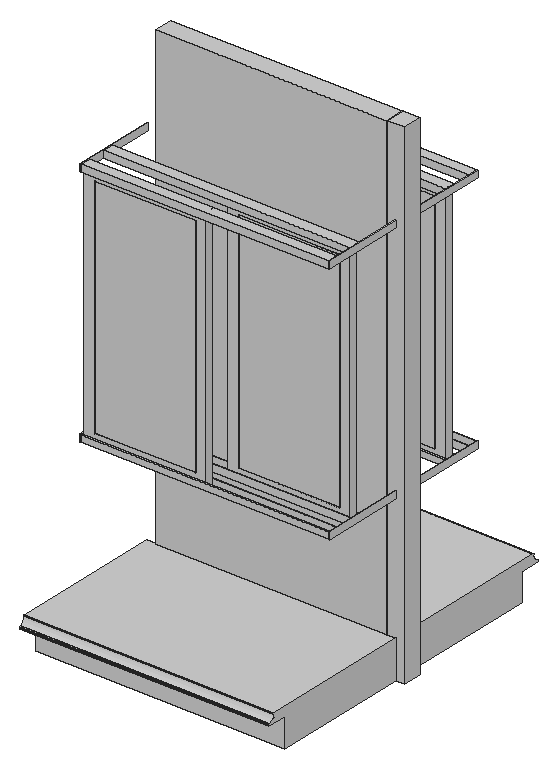
Revit family "PP2", category Specialty Equipment, Revit 2012
Parameters (values of type "Maxi Line Starter (Default)")
  Width = 3' - 0"
  URL = "http://madixinc.com/display/maxiline/core.html"
  Model = "Maxi Line"
  Manufacturer = "© 2012 Madix, Inc. All rights reserved."
  "Back" Base Shelf [instance] = yes
  "Back" Front Peg Panel Frame [instance] = yes
  "Back" Back Peg Panel Frame [instance] = yes
  "Front" Front Peg Panel Frame [instance] = yes
  "Front" Back Peg Panel Frame [instance] = yes
  "Front" Shelf Depth = 1' - 10"
  "Back" Shelf Depth = 1' - 10"
  Upright Height = 6' - 0"
Reference planes (in)
  plane 1 "Center (Front/Back)": y = 0
  plane 2: z = 0
  plane 3 "Center (Left/Right)": x = 0
  plane 4: y = 1.375
  plane 5: y = -1.375
  plane 6: z = 72
  plane 7: z = 0
  plane 8 "1st shelf": z = 23.5
  plane 9 "2nd shelf": z = 41.5
  plane 10 "3rd shelf": z = 59.5
  plane 11 "4th shelf": z = 77.5
  plane 12: y = -24.25
  plane 13: x = -18
  plane 14: x = 18
  plane 15: x = -17.875
  plane 16: x = 17.875
  plane 17: z = 41.5
  plane 18: y = 24.25
  plane 19: y = 23.375
  plane 20: y = -23.375
  plane 21: y = -13.25
  plane 22: y = -13.125
  plane 23: y = -12
  plane 24: y = -12.125
  plane 25: z = 59.375
  plane 26: z = 58.5
  plane 27: y = -9.25
  plane 28: y = -9.125
  plane 29: y = -8
  plane 30: y = -8.125
  plane 31: y = -7.875
  plane 32: y = -9.375
Forms (in)
  Extrusion 1, solid, material "Metal - Steel"
    sketch origin (-24, 1.375, 0) x (1, 0, 0) y (0, 0, 1)
      loop
        line (7.2815, 0) -> (42, 0) -> (43.25, 0) -> (43.25, 72) -> (40.75, 72) -> (40.75, 0.03125) -> (40.71924, 0.03125) -> (40.71924, 72) -> (7.2815, 72) -> (7.2815, 0)
    from 0 to 2.75
  Extrusion 2, solid, material "Metal - Steel"
    sketch origin (0, 0, 0) x (0, 1, 0) y (0, 0, 1)
      loop
        line (-1.375, 0) -> (-1.375, 5.5) -> (-23.375, 5.5) -> (-23.50139, 5.5) -> (-23.50139, 5.375) -> (-23.375, 5.375)
        arc (-23.375, 5.375) -> (-23.63696, 4.73714) -> (-24.125, 4.25) r 1.75
        line (-24.125, 4.25) -> (-24.125, 4.375) -> (-24.25, 4.375) -> (-24.25, 4.25) -> (-24.25, 4.125) -> (-21.375, 4.125) -> (-21.375, 0) -> (-1.375, 0)
    from -18 to 18
  Extrusion 3, solid, material "Metal - Steel", visible <- ""Back" Base Shelf"
    sketch origin (0, 0, 0) x (0, -1, 0) y (0, 0, -1)
      loop
        line (-1.375, 0) -> (-21.375, 0) -> (-21.375, -4.125) -> (-24.25, -4.125) -> (-24.25, -4.25) -> (-24.25, -4.375) -> (-24.125, -4.375) -> (-24.125, -4.25)
        arc (-24.125, -4.25) -> (-23.63696, -4.73714) -> (-23.375, -5.375) r 1.75
        line (-23.375, -5.375) -> (-23.50139, -5.375) -> (-23.50139, -5.5) -> (-23.375, -5.5) -> (-1.375, -5.5) -> (-1.375, 0)
    from -18 to 18
  Extrusion 4, solid, material "Metal - Steel", visible <- ""Front" Front Peg Panel Frame"
    sketch origin (0, 0, 0) x (0, 1, 0) y (0, 0, 1)
      loop
        line (-13.375, 23.5) -> (-11.875, 23.5) -> (-11.875, 24.5) -> (-12, 24.5) -> (-12, 23.625) -> (-13.25, 23.625) -> (-13.25, 24.5) -> (-13.375, 24.5) -> (-13.375, 23.5)
    from -17.875 to 17.875
  Extrusion 5, solid, material "Metal - Steel", visible <- ""Front" Front Peg Panel Frame"
    sketch origin (0, 0, 0) x (0, 1, 0) y (0, 0, 1)
      loop
        line (-1.375, 23.5) -> (-1.375, 24.5) -> (-13.375, 24.5) -> (-13.375, 23.5) -> (-1.375, 23.5)
    from -17.875 to -18
  Extrusion 6, solid, material "Metal - Steel", visible <- ""Front" Front Peg Panel Frame"
    sketch origin (0, 0, 0) x (0, 1, 0) y (0, 0, -1)
      loop
        line (-1.375, -23.5) -> (-13.375, -23.5) -> (-13.375, -24.5) -> (-1.375, -24.5) -> (-1.375, -23.5)
    from -18 to -17.875
  Extrusion 7, solid, material "Metal - Steel", visible <- ""Front" Front Peg Panel Frame"
    sketch origin (0, 0, 83) x (0, 1, 0) y (0, 0, 1)
      loop
        line (-13.375, -23.5) -> (-13.375, -24.5) -> (-13.25, -24.5) -> (-13.25, -23.625) -> (-12, -23.625) -> (-12, -24.5) -> (-11.875, -24.5) -> (-11.875, -23.5) -> (-13.375, -23.5)
    from -17.875 to 17.875
  Extrusion 8, solid, material "Metal - Steel", visible <- ""Front" Front Peg Panel Frame"
    sketch origin (0, 0, 83) x (0, 1, 0) y (0, 0, 1)
      loop
        line (-1.375, -23.5) -> (-13.375, -23.5) -> (-13.375, -24.5) -> (-1.375, -24.5) -> (-1.375, -23.5)
    from -18 to -17.875
  Extrusion 9, solid, material "Metal - Steel", visible <- ""Front" Front Peg Panel Frame"
    sketch origin (0, 0, 83) x (0, 1, 0) y (0, 0, -1)
      loop
        line (-1.375, 23.5) -> (-1.375, 24.5) -> (-13.375, 24.5) -> (-13.375, 23.5) -> (-1.375, 23.5)
    from -18 to -17.875
  Extrusion 10, solid, material "Metal - Steel", visible <- ""Front" Front Peg Panel Frame"
    sketch origin (0, 0, 0) x (1, 0, 0) y (0, 0, 1)
      loop
        line (-17.625, 23.625) -> (0, 23.625) -> (0, 59.375) -> (-17.625, 59.375) -> (-17.625, 23.625)
      loop
        line (-1.5, 57.875) -> (-16.125, 57.875) -> (-16.125, 25.125) -> (-1.5, 25.125) -> (-1.5, 57.875)
      loop
        line (-16.09375, 57.84375) -> (-16.09375, 25.15625) -> (-1.53125, 25.15625) -> (-1.53125, 57.84375) -> (-16.09375, 57.84375)
    from 12.125 to 13.125
  Extrusion 11, solid, material "Metal - Steel", visible <- ""Back" Front Peg Panel Frame"
    sketch origin (0, 0, 0) x (0, -1, 0) y (0, 0, -1)
      loop
        line (-13.375, -23.5) -> (-13.375, -24.5) -> (-13.25, -24.5) -> (-13.25, -23.625) -> (-12, -23.625) -> (-12, -24.5) -> (-11.875, -24.5) -> (-11.875, -23.5) -> (-13.375, -23.5)
    from -17.875 to 17.875
  Extrusion 12, solid, material "Metal - Steel", visible <- ""Back" Front Peg Panel Frame"
    sketch origin (0, 0, 0) x (0, -1, 0) y (0, 0, -1)
      loop
        line (-1.375, -23.5) -> (-13.375, -23.5) -> (-13.375, -24.5) -> (-1.375, -24.5) -> (-1.375, -23.5)
    from -18 to -17.875
  Extrusion 13, solid, material "Metal - Steel", visible <- ""Back" Front Peg Panel Frame"
    sketch origin (0, 0, 0) x (0, -1, 0) y (0, 0, 1)
      loop
        line (-1.375, 23.5) -> (-1.375, 24.5) -> (-13.375, 24.5) -> (-13.375, 23.5) -> (-1.375, 23.5)
    from -18 to -17.875
  Extrusion 14, solid, material "Metal - Steel", visible <- ""Back" Front Peg Panel Frame"
    sketch origin (0, 0, 83) x (0, -1, 0) y (0, 0, -1)
      loop
        line (-13.375, 23.5) -> (-11.875, 23.5) -> (-11.875, 24.5) -> (-12, 24.5) -> (-12, 23.625) -> (-13.25, 23.625) -> (-13.25, 24.5) -> (-13.375, 24.5) -> (-13.375, 23.5)
    from -17.875 to 17.875
  Extrusion 15, solid, material "Metal - Steel", visible <- ""Back" Front Peg Panel Frame"
    sketch origin (0, 0, 83) x (0, -1, 0) y (0, 0, -1)
      loop
        line (-1.375, 23.5) -> (-1.375, 24.5) -> (-13.375, 24.5) -> (-13.375, 23.5) -> (-1.375, 23.5)
    from -18 to -17.875
  Extrusion 16, solid, material "Metal - Steel", visible <- ""Back" Front Peg Panel Frame"
    sketch origin (0, 0, 83) x (0, -1, 0) y (0, 0, 1)
      loop
        line (-1.375, -23.5) -> (-13.375, -23.5) -> (-13.375, -24.5) -> (-1.375, -24.5) -> (-1.375, -23.5)
    from -18 to -17.875
  Extrusion 17, solid, material "Metal - Steel", visible <- ""Back" Front Peg Panel Frame"
    sketch origin (0, 0, 0) x (1, 0, 0) y (0, 0, -1)
      loop
        line (-17.625, -23.625) -> (-17.625, -59.375) -> (0, -59.375) -> (0, -23.625) -> (-17.625, -23.625)
      loop
        line (-1.5, -57.875) -> (-1.5, -25.125) -> (-16.125, -25.125) -> (-16.125, -57.875) -> (-1.5, -57.875)
      loop
        line (-16.09375, -57.84375) -> (-1.53125, -57.84375) -> (-1.53125, -25.15625) -> (-16.09375, -25.15625) -> (-16.09375, -57.84375)
    from 12.125 to 13.125
  Extrusion 18, solid, material "Metal - Steel", visible <- ""Front" Back Peg Panel Frame"
    sketch origin (0, 0, 0) x (0, 1, 0) y (0, 0, -1)
      loop
        line (-9.375, -23.5) -> (-9.375, -24.5) -> (-9.25, -24.5) -> (-9.25, -23.625) -> (-8, -23.625) -> (-8, -24.5) -> (-7.875, -24.5) -> (-7.875, -23.5) -> (-9.375, -23.5)
    from -17.875 to 17.875
  Extrusion 19, solid, material "Metal - Steel", visible <- ""Front" Back Peg Panel Frame"
    sketch origin (0, 0, 83) x (0, 1, 0) y (0, 0, -1)
      loop
        line (-9.375, 23.5) -> (-7.875, 23.5) -> (-7.875, 24.5) -> (-8, 24.5) -> (-8, 23.625) -> (-9.25, 23.625) -> (-9.25, 24.5) -> (-9.375, 24.5) -> (-9.375, 23.5)
    from -17.875 to 17.875
  Extrusion 20, solid, material "Metal - Steel", visible <- ""Front" Back Peg Panel Frame"
    sketch origin (0, 0, 0) x (-1, 0, 0) y (0, 0, -1)
      loop
        line (-17.625, -23.625) -> (-17.625, -59.375) -> (0, -59.375) -> (0, -23.625) -> (-17.625, -23.625)
      loop
        line (-1.5, -57.875) -> (-1.5, -25.125) -> (-16.125, -25.125) -> (-16.125, -57.875) -> (-1.5, -57.875)
      loop
        line (-16.09375, -57.84375) -> (-1.53125, -57.84375) -> (-1.53125, -25.15625) -> (-16.09375, -25.15625) -> (-16.09375, -57.84375)
    from 8.125 to 9.125
  Extrusion 21, solid, material "Metal - Steel", visible <- ""Back" Back Peg Panel Frame"
    sketch origin (0, 0, 0) x (0, -1, 0) y (0, 0, 1)
      loop
        line (-9.375, 23.5) -> (-7.875, 23.5) -> (-7.875, 24.5) -> (-8, 24.5) -> (-8, 23.625) -> (-9.25, 23.625) -> (-9.25, 24.5) -> (-9.375, 24.5) -> (-9.375, 23.5)
    from -17.875 to 17.875
  Extrusion 22, solid, material "Metal - Steel", visible <- ""Back" Back Peg Panel Frame"
    sketch origin (0, 0, 83) x (0, -1, 0) y (0, 0, 1)
      loop
        line (-9.375, -23.5) -> (-9.375, -24.5) -> (-9.25, -24.5) -> (-9.25, -23.625) -> (-8, -23.625) -> (-8, -24.5) -> (-7.875, -24.5) -> (-7.875, -23.5) -> (-9.375, -23.5)
    from -17.875 to 17.875
  Extrusion 23, solid, material "Metal - Steel", visible <- ""Back" Back Peg Panel Frame"
    sketch origin (0, 0, 0) x (-1, 0, 0) y (0, 0, 1)
      loop
        line (-17.625, 23.625) -> (0, 23.625) -> (0, 59.375) -> (-17.625, 59.375) -> (-17.625, 23.625)
      loop
        line (-1.5, 57.875) -> (-16.125, 57.875) -> (-16.125, 25.125) -> (-1.5, 25.125) -> (-1.5, 57.875)
      loop
        line (-16.09375, 57.84375) -> (-16.09375, 25.15625) -> (-1.53125, 25.15625) -> (-1.53125, 57.84375) -> (-16.09375, 57.84375)
    from 8.125 to 9.125
Lines and regions (in)
  Split face 1
    outline origin (-24, -1.375, 0) x (1, 0, 0) y (0, 0, 1)
      loop
        line (7.2815, 72) -> (7.2815, 0.03125) -> (40.71924, 0.03125) -> (40.71924, 72)
  Split face 2
    outline origin (-24, 1.375, 0) x (1, 0, 0) y (0, 0, 1)
      loop
        line (40.71924, 72) -> (40.71924, 0.03125) -> (7.2815, 0.03125) -> (7.2815, 72)
Dimensions and locks (in)
  "Upright Height": plane 6 to level
  ""Front" Shelf Depth": plane 20 to plane 5
  equal spacing: plane 13, plane 3 "Center (Left/Right)", plane 14
  "Width": plane 13 to plane 14
  locked: plane 13 to plane 15 at 0.125
  locked: plane 16 to plane 14 at 0.125
  ""Back" Shelf Depth": plane 4 to plane 19
  locked: plane 19 to plane 18 at 0.875
  locked: plane 20 to plane 12 at 0.875
  plane 26 to plane 25 to plane 10 "3rd shelf" to plane 6 = 0' - 0 7/8" locked, 0' - 0 1/8" locked, 1' - 0 1/2" locked
  aligned and locked: level to plane 2
  aligned and locked: plane 12 to Extrusion 2
  aligned and locked: Extrusion 2 to plane 5
  aligned and locked: plane 13 to Extrusion 2
  aligned and locked: plane 14 to Extrusion 2
  aligned and locked: Extrusion 3 to Extrusion 2
  aligned and locked: Extrusion 2 to Extrusion 3
  aligned and locked: plane 13 to Extrusion 3
  aligned and locked: Extrusion 3 to plane 18
  aligned and locked: Extrusion 1 to plane 6  (x2)
  aligned and locked: plane 19 to Extrusion 3
  aligned and locked: plane 20 to Extrusion 2
  aligned and locked: Extrusion 4 to plane 16
  aligned and locked: Extrusion 4 to plane 15
  aligned and locked: plane 16 to Extrusion 6
  aligned and locked: Extrusion 2 to Extrusion 6
  aligned and locked: plane 25 to Extrusion 10
  aligned and locked: plane 26 to Extrusion 8
  aligned and locked: plane 16 to Extrusion 16
  aligned and locked: plane 16 to Extrusion 13
  aligned and locked: Extrusion 22 to plane 16
  aligned and locked: Extrusion 22 to plane 15
  aligned and locked: Extrusion 15 to Extrusion 2
  aligned and locked: plane 15 to Extrusion 15
  aligned and locked: Extrusion 12 to Extrusion 2
  aligned and locked: plane 15 to Extrusion 12
  aligned and locked: Extrusion 21 to plane 15
  aligned and locked: Extrusion 14 to plane 15
  aligned and locked: Extrusion 11 to plane 15
  aligned and locked: Extrusion 11 to plane 16
  aligned and locked: Extrusion 14 to plane 16
  aligned and locked: Extrusion 21 to plane 16
  aligned and locked: plane 16 to Extrusion 9
  aligned and locked: Extrusion 19 to plane 16
  aligned and locked: Extrusion 19 to plane 15
  aligned and locked: Extrusion 18 to plane 16
  aligned and locked: Extrusion 7 to plane 16
  aligned and locked: Extrusion 8 to Extrusion 2
  aligned and locked: plane 15 to Extrusion 8
  aligned and locked: Extrusion 5 to Extrusion 2
  aligned and locked: plane 15 to Extrusion 5
  aligned and locked: Extrusion 7 to plane 15
  aligned and locked: Extrusion 16 to plane 14
  aligned and locked: Extrusion 13 to plane 14
Automatic sketch dimensions
  Extrusion 2 sketch curve to plane 12 = 0' - 0"
  Extrusion 2 sketch curve to plane 20 = 0' - 0"  (x2)
  Extrusion 2 sketch curve to level = 0' - 0"
  Extrusion 2 sketch curve to plane 5 = 0' - 0"
  Extrusion 2 sketch curve to plane 12 = 0' - 0.84305"
  Extrusion 2 sketch curve to Extrusion 2 sketch curve = 0' - 0 1/8"  (x5)
  Extrusion 2 sketch curve to plane 20 = 0' - 0.12639"
  plane 20 to Extrusion 2 sketch curve = 0' - 2"
  level to Extrusion 2 sketch curve = 0' - 4 1/8"
  Extrusion 2 sketch curve to Extrusion 2 sketch curve = 0' - 1"
  Split face 1 sketch curve to Extrusion 1 = 0' - 0"  (x4)
  Extrusion 1 to Split face 1 sketch curve = 0' - 0"
  Extrusion 3 sketch curve to plane 18 = 0' - 0"
  Extrusion 3 sketch curve to plane 19 = 0' - 0"  (x2)
  Extrusion 3 sketch curve to level = 0' - 0"
  Extrusion 3 sketch curve to plane 4 = 0' - 0"
  plane 18 to Extrusion 3 sketch curve = 0' - 0.84305"
  Extrusion 3 sketch curve to plane 18 = 0' - 0 1/8"
  plane 19 to Extrusion 3 sketch curve = 0' - 0.12639"
  Extrusion 3 sketch curve to plane 19 = 0' - 2"
  Extrusion 3 sketch curve to level = 0' - 4 1/8"
  Extrusion 3 sketch curve to Extrusion 3 sketch curve = 0' - 0 1/8"  (x3)
  Extrusion 3 sketch curve to Extrusion 3 sketch curve = 0' - 0"
  Extrusion 3 sketch curve to Extrusion 3 sketch curve = 0' - 1"
  Extrusion 1 to Split face 2 sketch curve = 0' - 0"
  Split face 2 sketch curve to Extrusion 1 = 0' - 0"  (x4)
  Extrusion 4 sketch curve to plane 8 "1st shelf" = 0' - 0"
  Extrusion 4 sketch curve to plane 21 = 0' - 0"
  Extrusion 4 sketch curve to plane 23 = 0' - 0"
  Extrusion 4 sketch curve to plane 21 = 0' - 0 1/8"
  plane 23 to Extrusion 4 sketch curve = 0' - 0 1/8"
  plane 8 "1st shelf" to Extrusion 4 sketch curve = 0' - 0 1/8"
  Extrusion 4 sketch curve to Extrusion 4 sketch curve = 0' - 0 7/8"  (x2)
  Extrusion 5 sketch curve to plane 8 "1st shelf" = 0' - 0"
  Extrusion 5 sketch curve to plane 5 = 0' - 0"
  Extrusion 5 sketch curve to plane 21 = 0' - 0 1/8"
  Extrusion 5 sketch curve to Extrusion 5 sketch curve = 0' - 1"
  Extrusion 6 sketch curve to plane 8 "1st shelf" = 0' - 0"
  Extrusion 6 sketch curve to plane 5 = 0' - 0"
  Extrusion 6 sketch curve to plane 21 = 0' - 0 1/8"
  Extrusion 6 sketch curve to Extrusion 6 sketch curve = 0' - 1"
  Extrusion 7 sketch curve to plane 26 = 0' - 0"  (x2)
  Extrusion 7 sketch curve to plane 10 "3rd shelf" = 0' - 0"
  Extrusion 7 sketch curve to plane 21 = 0' - 0"
  Extrusion 7 sketch curve to plane 23 = 0' - 0"
  plane 25 to Extrusion 7 sketch curve = 0' - 0"
  plane 21 to Extrusion 7 sketch curve = 0' - 0 1/8"
  Extrusion 7 sketch curve to plane 23 = 0' - 0 1/8"
  Extrusion 8 sketch curve to plane 10 "3rd shelf" = 0' - 0"
  Extrusion 8 sketch curve to plane 26 = 0' - 0"
  Extrusion 8 sketch curve to plane 5 = 0' - 0"
  plane 21 to Extrusion 8 sketch curve = 0' - 0 1/8"
  Extrusion 9 sketch curve to plane 10 "3rd shelf" = 0' - 0"
  Extrusion 9 sketch curve to plane 26 = 0' - 0"
  Extrusion 9 sketch curve to plane 5 = 0' - 0"
  Extrusion 9 sketch curve to plane 21 = 0' - 0 1/8"
  Extrusion 10 sketch curve to plane 25 = 0' - 0"
  Extrusion 10 sketch curve to plane 3 "Center (Left/Right)" = 0' - 0"
  Extrusion 10 sketch curve to plane 26 = 0' - 0 5/8"
  Extrusion 10 sketch curve to plane 3 "Center (Left/Right)" = 0' - 1 1/2"
  Extrusion 10 sketch curve to Extrusion 10 sketch curve = 0' - 0 1/32"  (x4)
  plane 15 to Extrusion 10 sketch curve = 0' - 1 25/32"
  plane 8 "1st shelf" to Extrusion 10 sketch curve = 0' - 0 1/8"
  plane 15 to Extrusion 10 sketch curve = 0' - 0 1/4"
  plane 8 "1st shelf" to Extrusion 10 sketch curve = 0' - 1 5/8"
  Extrusion 11 sketch curve to plane 8 "1st shelf" = 0' - 0"
  Extrusion 11 sketch curve to plane 8 "1st shelf" = 0' - 1"
  Extrusion 11 sketch curve to plane 19 = 0' - 10"
  Extrusion 11 sketch curve to Extrusion 11 sketch curve = 0' - 0 1/8"  (x2)
  Extrusion 11 sketch curve to Extrusion 11 sketch curve = 0' - 1 1/4"
  Extrusion 11 sketch curve to plane 8 "1st shelf" = 0' - 0 1/8"
  Extrusion 11 sketch curve to Extrusion 11 sketch curve = 0' - 0 7/8"
  Extrusion 12 sketch curve to plane 8 "1st shelf" = 0' - 0"
  Extrusion 12 sketch curve to plane 4 = 0' - 0"
  Extrusion 12 sketch curve to plane 8 "1st shelf" = 0' - 1"
  Extrusion 12 sketch curve to plane 19 = 0' - 10"
  Extrusion 13 sketch curve to plane 8 "1st shelf" = 0' - 0"
  Extrusion 13 sketch curve to plane 4 = 0' - 0"
  plane 8 "1st shelf" to Extrusion 13 sketch curve = 0' - 1"
  plane 19 to Extrusion 13 sketch curve = 0' - 10"
  plane 26 to Extrusion 14 sketch curve = 0' - 0"  (x2)
  Extrusion 14 sketch curve to plane 10 "3rd shelf" = 0' - 0"
  plane 25 to Extrusion 14 sketch curve = 0' - 0"
  plane 19 to Extrusion 14 sketch curve = 0' - 10"
  Extrusion 14 sketch curve to Extrusion 14 sketch curve = 0' - 0 1/8"  (x2)
  Extrusion 14 sketch curve to Extrusion 14 sketch curve = 0' - 1 1/4"
  Extrusion 15 sketch curve to plane 10 "3rd shelf" = 0' - 0"
  plane 26 to Extrusion 15 sketch curve = 0' - 0"
  Extrusion 15 sketch curve to plane 4 = 0' - 0"
  plane 19 to Extrusion 15 sketch curve = 0' - 10"
  Extrusion 16 sketch curve to plane 10 "3rd shelf" = 0' - 0"
  Extrusion 16 sketch curve to plane 26 = 0' - 0"
  Extrusion 16 sketch curve to plane 4 = 0' - 0"
  plane 19 to Extrusion 16 sketch curve = 0' - 10"
  Extrusion 17 sketch curve to plane 25 = 0' - 0"
  Extrusion 17 sketch curve to plane 3 "Center (Left/Right)" = 0' - 0"
  Extrusion 17 sketch curve to plane 26 = 0' - 0 5/8"
  Extrusion 17 sketch curve to plane 3 "Center (Left/Right)" = 0' - 1 1/2"
  Extrusion 17 sketch curve to Extrusion 17 sketch curve = 0' - 0 1/32"  (x4)
  plane 15 to Extrusion 17 sketch curve = 0' - 1 25/32"
  plane 8 "1st shelf" to Extrusion 17 sketch curve = 0' - 0 1/8"
  plane 15 to Extrusion 17 sketch curve = 0' - 0 1/4"
  plane 8 "1st shelf" to Extrusion 17 sketch curve = 0' - 1 21/32"
  Extrusion 18 sketch curve to plane 32 = 0' - 0"
  Extrusion 18 sketch curve to plane 27 = 0' - 0"
  Extrusion 18 sketch curve to plane 29 = 0' - 0"
  Extrusion 18 sketch curve to plane 8 "1st shelf" = 0' - 0"
  Extrusion 18 sketch curve to plane 31 = 0' - 0"
  plane 8 "1st shelf" to Extrusion 18 sketch curve = 0' - 0 1/8"
  Extrusion 18 sketch curve to Extrusion 18 sketch curve = 0' - 0 7/8"  (x2)
  Extrusion 19 sketch curve to plane 26 = 0' - 0"  (x2)
  Extrusion 19 sketch curve to plane 32 = 0' - 0"
  Extrusion 19 sketch curve to plane 27 = 0' - 0"
  Extrusion 19 sketch curve to plane 29 = 0' - 0"
  Extrusion 19 sketch curve to plane 10 "3rd shelf" = 0' - 0"
  Extrusion 19 sketch curve to plane 31 = 0' - 0"
  Extrusion 19 sketch curve to plane 25 = 0' - 0"
  Extrusion 20 sketch curve to plane 25 = 0' - 0"
  Extrusion 20 sketch curve to plane 3 "Center (Left/Right)" = 0' - 0"
  plane 26 to Extrusion 20 sketch curve = 0' - 0 5/8"
  Extrusion 20 sketch curve to plane 3 "Center (Left/Right)" = 0' - 1 1/2"
  Extrusion 20 sketch curve to Extrusion 20 sketch curve = 0' - 0 1/32"  (x4)
  Extrusion 20 sketch curve to plane 16 = 0' - 1 25/32"
  Extrusion 20 sketch curve to plane 8 "1st shelf" = 0' - 0 1/8"
  Extrusion 20 sketch curve to plane 16 = 0' - 0 1/4"
  Extrusion 20 sketch curve to plane 8 "1st shelf" = 0' - 1 5/8"
  Extrusion 21 sketch curve to plane 8 "1st shelf" = 0' - 0"
  plane 8 "1st shelf" to Extrusion 21 sketch curve = 0' - 1"
  plane 4 to Extrusion 21 sketch curve = 0' - 8"
  Extrusion 21 sketch curve to Extrusion 21 sketch curve = 0' - 0 1/8"  (x2)
  Extrusion 21 sketch curve to Extrusion 21 sketch curve = 0' - 1 1/4"
  plane 8 "1st shelf" to Extrusion 21 sketch curve = 0' - 0 1/8"
  Extrusion 21 sketch curve to Extrusion 21 sketch curve = 0' - 0 7/8"
  Extrusion 22 sketch curve to plane 26 = 0' - 0"  (x2)
  Extrusion 22 sketch curve to plane 10 "3rd shelf" = 0' - 0"
  Extrusion 22 sketch curve to plane 25 = 0' - 0"
  plane 4 to Extrusion 22 sketch curve = 0' - 8"
  Extrusion 22 sketch curve to Extrusion 22 sketch curve = 0' - 0 1/8"  (x2)
  Extrusion 22 sketch curve to Extrusion 22 sketch curve = 0' - 1 1/4"
  Extrusion 23 sketch curve to plane 25 = 0' - 0"
  Extrusion 23 sketch curve to plane 3 "Center (Left/Right)" = 0' - 0"
  Extrusion 23 sketch curve to plane 26 = 0' - 0 5/8"
  plane 3 "Center (Left/Right)" to Extrusion 23 sketch curve = 0' - 1 1/2"
  Extrusion 23 sketch curve to Extrusion 23 sketch curve = 0' - 0 1/32"  (x4)
  plane 16 to Extrusion 23 sketch curve = 0' - 1 25/32"
  plane 8 "1st shelf" to Extrusion 23 sketch curve = 0' - 0 1/8"
  plane 16 to Extrusion 23 sketch curve = 0' - 0 1/4"
  plane 8 "1st shelf" to Extrusion 23 sketch curve = 0' - 1 5/8"
  Extrusion 1 sketch curve to plane 6 = 0' - 0"  (x2)
  plane 14 to Extrusion 1 sketch curve = 0' - 0"
  plane 16 to Extrusion 1 sketch curve = 0' - 1 1/8"
  Extrusion 1 sketch curve to Extrusion 1 sketch curve = 0' - 0.03076"
  plane 15 to Extrusion 1 sketch curve = 0' - 1.1565"
  Extrusion 1 sketch curve to plane 14 = 0' - 1 1/4"
  level to Extrusion 1 sketch curve = 0' - 0 1/32"
  Extrusion 1 sketch curve to level = 0' - 0"
